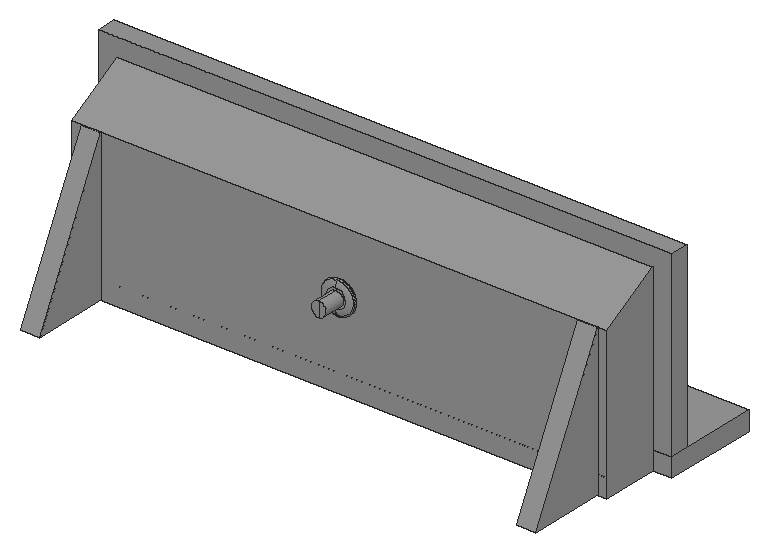
Revit family "Multi_Station_Sink-Willougby-CWMES-6020", category Plumbing Fixtures, Revit 2015
Parameters (values of type "6020")
  Width = 5' - 0"
  Waste DIA = 1 1/2"
  Waste Connection = yes
  Vent Connection = no
  URL = "www.willoughby-ind.com"
  Type Comments = ""
  Revision = "A"
  Model = "CWMES-6020"
  Manufacturer = "Willoughby Industries"
  HW Connection = no
  Fixture Body = Stainless Steel AISI 304-Willoughby(3)
  Description = "Multi-Station Hand Sink, 60\" Wide, 3 Station"
  Default Elevation = 0' - 0"
  Contact = "800-428-4065"
  CW Connection = no
  60" x 20" = yes
Reference planes (in)
  plane 1 "Center (Front/Back)": y = 0
  plane 2: z = 0
  plane 3 "Center (Left/Right)": x = 0
  plane 4 "Left Side": x = -30
  plane 5 "Right Side": x = 30
  plane 6 "Top Of Sink": y = 34
  plane 7 "Top Of Unit": y = 42
  plane 8 "Bottom Of Sink": y = 26
  plane 9 "Mounting Brkt": y = 18
  plane 10: z = 9.125
Forms (in)
  Extrusion 1, solid, material "Stainless Steel AISI 304-Willoughby(3)" <- "Fixture Body"
    sketch origin (0, 0, 0) x (1, 0, 0) y (0, 1, 0)
      loop
        line (-30, 42) -> (-30, 32) -> (-28, 32) -> (-28, 26) -> (28, 26) -> (28, 32) -> (30, 32) -> (30, 42) -> (-30, 42)
    from 0 to 2
  Extrusion 2, solid, material "Stainless Steel AISI 304-Willoughby(3)" <- "Fixture Body"
    sketch origin (0, 0, 0) x (0, 1, 0) y (0, 0, 1)
      loop
        line (34, 0) -> (34, 20.21818) -> (26, 15.75) -> (26, 0) -> (34, 0)
    from -28 to 28
  Sweep 3, solid, material "Stainless Steel AISI 304-Willoughby(3)" <- "Fixture Body"
    path origin (0, 0, 0) x (1, 0, 0) y (0, 0, 1)
      loop
        line (-28, 2) -> (-28, 19) -> (28, 19) -> (28, 2)
    profile origin (-28, 0, 10.5) x (-1, 0, 0) y (0, -1, 0)
      loop
        line (0, -32) -> (0, -34) -> (2, -34) -> (2, -32) -> (0, -32)
  Extrusion 4, void
    sketch origin (0, 0, 0) x (0, 1, 0) y (0, 0, 1)
      loop
        line (34, 2.25) -> (34, 19.97446) -> (26.25, 15.5) -> (26.25, 2.25) -> (34, 2.25)
    from -27.75 to 27.75
  Revolve 5, solid, material "Stainless Steel AISI 304-Willoughby(3)" <- "Fixture Body", detail levels fine
    sketch origin (0, 0, 0) x (0, 1, 0) y (0, 0, 1)
      loop
        line (26.29904, 9.125) -> (26.29904, 10.875) -> (25.88111, 10.875)
        arc (25.88111, 10.875) -> (25.8068, 10.85556) -> (25.75153, 10.80221) r 0.15173
        arc (25.75153, 10.80221) -> (25.6098, 10.48813) -> (25.54904, 10.14895) r 1.40076
        line (25.54904, 10.14895) -> (25.54904, 9.125) -> (26.29904, 9.125)
      axis (25.54904, 9.125) -> (26.29904, 9.125)
    angle from 0 to 360
  Revolve 6, solid, material "Stainless Steel AISI 304-Willoughby(3)" <- "Fixture Body", detail levels fine
    sketch origin (0, 0, 0) x (0, 1, 0) y (0, 0, 1)
      loop
        line (25.54904, 9.125) -> (25.54904, 9.875) -> (23.29904, 9.875) -> (23.29904, 9.125) -> (25.54904, 9.125)
      axis (23.29904, 9.125) -> (25.54904, 9.125)
    angle from 0 to 360
  Extrusion 7, solid, material "Stainless Steel AISI 304-Willoughby(3)" <- "Fixture Body", detail levels medium+fine
    sketch origin (0, 0, 0) x (0, 1, 0) y (0, 0, 1)
      loop
        line (26, 0) -> (26, 15.75) -> (18, 0) -> (26, 0)
    from -27 to -25
  Extrusion 8, solid, material "Stainless Steel AISI 304-Willoughby(3)" <- "Fixture Body", detail levels medium+fine
    sketch origin (0, 0, 0) x (0, 1, 0) y (0, 0, 1)
      loop
        line (26, 0) -> (26, 15.75) -> (18, 0) -> (26, 0)
    from 27 to 25
Cuts and joins
  Extrusion 4 cuts Extrusion 2
  Extrusion 4 cuts Sweep 3
Lines and regions (in)
  symbolic lines
    curve 1: line (-30, 32, 0) -> (-30, 42, 0)
    curve 2: line (-30, 42, 0) -> (30, 42, 0)
    curve 3: line (30, 42, 0) -> (30, 32, 0)
    curve 4: line (-30, 32, 0) -> (-28, 32, 0)
    curve 5: line (-28, 32, 0) -> (28, 32, 0)
    curve 6: line (28, 32, 0) -> (30, 32, 0)
    curve 7: line (28, 32, 0) -> (28, 26, 0)
    curve 8: line (28, 26, 0) -> (-28, 26, 0)
    curve 9: line (-28, 26, 0) -> (-28, 32, 0)
    curve 19: line (-1.75, 26, 0) -> (-1.75, 25.8956, 0)
    curve 20: line (1.75, 26, 0) -> (1.75, 25.8956, 0)
    curve 30: line (30, 0, 0) -> (30, 0, 21)
    curve 31: line (30, 0, 21) -> (-30, 0, 21)
    curve 32: line (-30, 0, 21) -> (-30, 0, 0)
    curve 33: line (-30, 0, 0) -> (30, 0, 0)
    curve 40: line (0, 26, 0) -> (0, 42, 0)
    curve 41: line (0, 42, 0) -> (0, 42, 2)
    curve 42: line (0, 42, 2) -> (0, 26, 2)
    curve 43: line (0, 34, 2) -> (0, 34, 21)
    curve 44: line (0, 34, 21) -> (0, 32, 21)
    curve 45: line (0, 32, 21) -> (0, 32, 0)
    curve 46: line (0, 34, 0) -> (0, 34, 2)
    curve 47: line (0, 34, 20.21818) -> (0, 26, 15.75)
    curve 48: line (0, 26, 15.75) -> (0, 26, 0)
  symbolic lines, detail levels medium+fine
    curve 10: line (-27, 26, 0) -> (-27, 18, 0)
    curve 11: line (-27, 18, 0) -> (-25, 18, 0)
    curve 12: line (-25, 18, 0) -> (-25, 26, 0)
    curve 13: line (27, 26, 0) -> (27, 18, 0)
    curve 14: line (27, 18, 0) -> (25, 18, 0)
    curve 15: line (25, 18, 0) -> (25, 26, 0)
    curve 29: line (-30, 34, 0) -> (30, 34, 0)
    curve 34: line (30, 0, 2) -> (-30, 0, 2)
    curve 35: line (-27.75, 0, 2) -> (-27.75, 0, 19.97446)
    curve 36: line (-27.75, 0, 19.97446) -> (27.75, 0, 19.97446)
    curve 37: line (27.75, 0, 19.97446) -> (27.75, 0, 2)
    curve 49: line (0, 26, 15.75) -> (0, 18, 0)
    curve 50: line (0, 18, 0) -> (0, 26, 0)
  symbolic lines, detail levels fine
    curve 16: line (0.75, 23.29904, 0) -> (0.75, 25.54904, 0)
    curve 17: line (0.75, 23.29904, 0) -> (-0.75, 23.29904, 0)
    curve 18: line (-0.75, 23.29904, 0) -> (-0.75, 25.54904, 0)
    curve 21: arc (1.75, 25.8956, 0) -> (1.73479, 25.80933, 0) -> (1.69099, 25.73346, 0) r 0.25224
    curve 22: arc (1.69099, 25.73346, 0) -> (1.59703, 25.68665, 0) -> (1.49937, 25.64815, 0) r 1.2101
    curve 23: arc (1.49937, 25.64815, 0) -> (1.27107, 25.58065, 0) -> (1.03766, 25.53377, 0) r 2.66813
    curve 24: arc (1.03766, 25.53377, 0) -> (0.89383, 25.53185, 0) -> (0.75, 25.53377, 0) r 5.39805
    curve 25: line (0.75, 25.54904, 0) -> (-0.75, 25.54904, 0)
    curve 26: arc (-1.75, 25.8956, 0) -> (-1.73113, 25.8105, 0) -> (-1.67807, 25.74134, 0) r 0.20137
    curve 27: arc (-1.67807, 25.74134, 0) -> (-1.38605, 25.60652, 0) -> (-1.07056, 25.54395, 0) r 1.36168
    curve 28: arc (-1.07056, 25.54395, 0) -> (-0.90887, 25.53769, 0) -> (-0.74718, 25.54395, 0) r 2.09106
    curve 38: circle (0, 0, 9.125) r 0.75 normal (0, -1, 0)
    curve 39: circle (0, 0, 9.125) r 1.75 normal (0, -1, 0)
Dimensions and locks (in)
  equal spacing: plane 4 "Left Side", plane 3 "Center (Left/Right)", plane 5 "Right Side"
  "Width": plane 4 "Left Side" to plane 5 "Right Side"
  locked: plane 4 "Left Side" to cut or joined group of Extrusion 2, Extrusion 4 at 2
  locked: cut or joined group of Extrusion 2, Extrusion 4 to plane 5 "Right Side" at 2
  locked: plane 4 "Left Side" to Extrusion 7 at 3
  locked: Extrusion 8 to plane 5 "Right Side" at 3
  locked: Extrusion 7 to Extrusion 7 at 2
  locked: Extrusion 8 to Extrusion 8 at 2
  locked: cut or joined group of Extrusion 2, Extrusion 4 to cut or joined group of Extrusion 2, Extrusion 4 at 0.25  (x2)
  aligned and locked: plane 7 "Top Of Unit" to Extrusion 1
  aligned and locked: Extrusion 1 to plane 5 "Right Side"
  aligned and locked: Extrusion 1 to plane 8 "Bottom Of Sink"
  aligned and locked: Extrusion 1 to level
  aligned and locked: plane 4 "Left Side" to Extrusion 1
  aligned and locked: plane 6 "Top Of Sink" to Extrusion 2
  aligned and locked: Extrusion 2 to plane 8 "Bottom Of Sink"
  aligned and locked: Extrusion 2 to level
  aligned and locked: Extrusion 2 to Extrusion 1
  aligned and locked: Revolve 5 sketch curve to Revolve 5 sketch curve  (x2)
  aligned and locked: Revolve 6 sketch curve to Revolve 6 sketch curve  (x2)
  aligned and locked: plane 8 "Bottom Of Sink" to Extrusion 7
  aligned and locked: Extrusion 7 to level
  aligned and locked: plane 8 "Bottom Of Sink" to Extrusion 8
  aligned and locked: curve 1 to Extrusion 1
Automatic sketch dimensions
  Extrusion 1 sketch curve to plane 4 "Left Side" = 0' - 0"
  Extrusion 1 sketch curve to plane 8 "Bottom Of Sink" = 0' - 0"
  Extrusion 1 sketch curve to plane 5 "Right Side" = 0' - 0"
  Extrusion 1 sketch curve to plane 7 "Top Of Unit" = 0' - 0"
  Extrusion 1 sketch curve to Extrusion 1 sketch curve = 0' - 2"
  plane 5 "Right Side" to Extrusion 1 sketch curve = 0' - 2"
  Extrusion 1 sketch curve to plane 6 "Top Of Sink" = 0' - 2"  (x2)
  Extrusion 2 sketch curve to plane 8 "Bottom Of Sink" = 0' - 0"
  Extrusion 2 sketch curve to level = 0' - 0"
  plane 6 "Top Of Sink" to Extrusion 2 sketch curve = 0' - 0"
  level to Extrusion 2 sketch curve = 1' - 3 3/4"
  Extrusion 2 sketch curve to Extrusion 2 sketch curve = 0' - 4.46818"
  Sweep 3 sketch curve to profile plane = 0' - 0"
  Sweep 3 sketch curve to profile plane = 0' - 2"
  Sweep 3 sketch curve to plane 1 "Center (Front/Back)" = 2' - 10"
  Sweep 3 sketch curve to Sweep 3 sketch curve = 0' - 2"
  Sweep 3 sketch curve to plane 4 "Left Side" = 0' - 2"
  level to Sweep 3 sketch curve = 1' - 7"
  plane 5 "Right Side" to Sweep 3 sketch curve = 0' - 2"
  level to Sweep 3 sketch curve = 0' - 2"  (x2)
  Extrusion 4 sketch curve to plane 6 "Top Of Sink" = 0' - 0"
  plane 8 "Bottom Of Sink" to Extrusion 4 sketch curve = 0' - 0 1/4"
  Extrusion 4 sketch curve to Extrusion 4 sketch curve = 1' - 1 1/4"
  Extrusion 4 sketch curve to Extrusion 4 sketch curve = 0' - 4.47446"
  level to Extrusion 4 sketch curve = 0' - 2 1/4"
  Revolve 5 sketch curve to plane 10 = 0' - 0"
  Revolve 5 sketch curve to plane 8 "Bottom Of Sink" = 0' - 0.45096"
  Revolve 5 sketch curve to plane 8 "Bottom Of Sink" = 0' - 0.11889"
  plane 8 "Bottom Of Sink" to Revolve 5 sketch curve = 0' - 0.29904"
  plane 8 "Bottom Of Sink" to Revolve 5 sketch curve = 0' - 0.94776"
  plane 10 to Revolve 5 sketch curve = 0' - 0.9484"
  plane 10 to Revolve 5 sketch curve = 0' - 1.02395"
  Revolve 5 sketch curve to Revolve 5 sketch curve = 0' - 0.57432"
  Revolve 5 sketch curve to Revolve 5 sketch curve = 0' - 0.15173"
  Revolve 5 sketch curve to Revolve 5 sketch curve = 0' - 0"
  Revolve 6 sketch curve to plane 10 = 0' - 0"
  Revolve 6 sketch curve to plane 8 "Bottom Of Sink" = 0' - 2.70096"
  Revolve 6 sketch curve to plane 8 "Bottom Of Sink" = 0' - 0.45096"
  plane 10 to Revolve 6 sketch curve = 0' - 0 3/4"
  Revolve 6 sketch curve to Revolve 6 sketch curve = 0' - 0"
  Extrusion 7 sketch curve to level = 0' - 0"
  Extrusion 7 sketch curve to plane 9 "Mounting Brkt" = 0' - 0"
  Extrusion 7 sketch curve to plane 8 "Bottom Of Sink" = 0' - 0"
  plane 10 to Extrusion 7 sketch curve = 0' - 6 5/8"
  Extrusion 8 sketch curve to level = 0' - 0"
  Extrusion 8 sketch curve to plane 9 "Mounting Brkt" = 0' - 0"
  Extrusion 8 sketch curve to plane 8 "Bottom Of Sink" = 0' - 0"
  plane 10 to Extrusion 8 sketch curve = 0' - 6 5/8"
  curve 9 to plane 8 "Bottom Of Sink" = 0' - 0"
  curve 11 to plane 9 "Mounting Brkt" = 0' - 0"
  plane 9 "Mounting Brkt" to curve 15 = 0' - 0"
  curve 6 to plane 5 "Right Side" = 0' - 0"
  curve 29 to plane 6 "Top Of Sink" = 0' - 0"
  curve 1 to plane 7 "Top Of Unit" = 0' - 0"
  curve 9 to plane 4 "Left Side" = 0' - 2"
  curve 11 to plane 4 "Left Side" = 0' - 3"
  curve 10 to curve 12 = 0' - 2"
  curve 19 to plane 8 "Bottom Of Sink" = 0' - 0.1044"
  curve 19 to plane 3 "Center (Left/Right)" = 0' - 1 3/4"
  curve 26 to curve 26 = 0' - 0.20137"
  curve 27 to plane 3 "Center (Left/Right)" = 0' - 0.96527"
  curve 27 to curve 28 = 0' - 0.0564"
  curve 18 to plane 3 "Center (Left/Right)" = 0' - 0 3/4"
  plane 3 "Center (Left/Right)" to curve 23 = 0' - 0.62947"
  plane 3 "Center (Left/Right)" to curve 17 = 0' - 0 3/4"
  plane 3 "Center (Left/Right)" to curve 24 = 0' - 0.89388"
  plane 3 "Center (Left/Right)" to curve 22 = 0' - 1.10484"
  curve 21 to plane 8 "Bottom Of Sink" = 0' - 0.1044"
  curve 16 to curve 21 = 0' - 0.74776"
  curve 21 to curve 20 = 0' - 0.25224"
  plane 5 "Right Side" to curve 15 = 0' - 5"
  curve 14 to curve 13 = 0' - 2"
  curve 13 to curve 8 = 0' - 1"
  curve 16 to plane 8 "Bottom Of Sink" = 0' - 2.70096"
  curve 16 to plane 8 "Bottom Of Sink" = 0' - 0.45096"
  plane 8 "Bottom Of Sink" to curve 22 = 0' - 0.79213"
  plane 8 "Bottom Of Sink" to curve 27 = 0' - 0.90155"
  curve 27 to curve 28 = 0' - 0.7272"
  curve 22 to curve 23 = 0' - 1.37836"
  curve 23 to curve 24 = 0' - 2.75941"
  curve 5 to plane 6 "Top Of Sink" = 0' - 2"
  curve 26 to curve 26 = 0' - 0.07193"
  curve 28 to curve 27 = 0' - 0"
  curve 18 to curve 28 = 0' - 0.00282"
  curve 24 to curve 23 = 0' - 0.28766"
  curve 21 to curve 23 = 0' - 0.00161"
  curve 22 to curve 23 = 0' - 0"
  curve 38 to curve 39 = 0' - 0"  (x2)
  plane 4 "Left Side" to curve 34 = 0' - 0"
  curve 38 to plane 3 "Center (Left/Right)" = 0' - 0"
  plane 5 "Right Side" to curve 31 = 0' - 0"
  curve 33 to level = 0' - 0"
  curve 38 to plane 10 = 0' - 0"
  curve 35 to plane 4 "Left Side" = 0' - 2 1/4"
  plane 5 "Right Side" to curve 37 = 0' - 2 1/4"
  plane 10 to curve 37 = 0' - 10.84946"
  curve 36 to curve 30 = 0' - 1.02554"
  level to curve 34 = 0' - 2"
  curve 50 to plane 9 "Mounting Brkt" = 0' - 0"
  curve 49 to level = 0' - 0"
  curve 40 to plane 8 "Bottom Of Sink" = 0' - 0"
  curve 46 to plane 6 "Top Of Sink" = 0' - 0"
  curve 47 to plane 6 "Top Of Sink" = 0' - 0"
  curve 41 to plane 7 "Top Of Unit" = 0' - 0"
  curve 44 to plane 6 "Top Of Sink" = 0' - 2"
  level to curve 42 = 0' - 2"
  plane 10 to curve 49 = 0' - 6 5/8"
  curve 47 to curve 45 = 0' - 5 1/4"
  curve 47 to curve 43 = 0' - 0.78182"
  radius of curve 38 = 0' - 0 3/4"
  radius of curve 39 = 0' - 1 3/4"
Connectors (in)
  piping at (0, 23.29904, 9.125), diameter 1.5, driven by "Waste DIA", driven by "Waste Connection"
    settings: on Revolve 6, index 1, connector inside diameter 24", connector length 0' - 0", flow factor 0, pipe flow 0 GPM, pressure drop 0.00 psi, fitting loss kfactor 0, connector angle 0.00°, fixture units 0, engagement length 0' - 0", angle of deflection 0.00°, flow configuration 0, flow direction 2, fitting loss method 0, system type 16, joint type 0, gender type 0, connector reference index -1, connector utility 1, adjustable connector no, is connector primary yes, connector description "Sink Waste"
